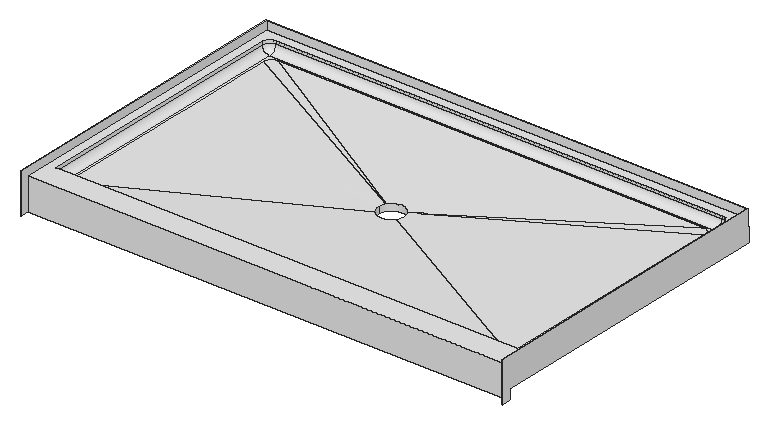
Revit family "P6038.V2", category Plumbing Fixtures, Revit 2019
Family settings
  Round Connector Dimension = Use Diameter
  Part Type = Normal
  OmniClass Number = 23.45.05.14.17
  OmniClass Title = Showers
  Work Plane-Based = No
  Always vertical = Yes
  Cut with Voids When Loaded = No
  Shared = No
  Room Calculation Point = No
Parameters (values of type "P6038.V2")
  Unit Width = 60"
  Unit Height = 5"
  Unit Depth = 38 1/4"
  URL = "http://www.bestbath.com/"
  Type Comments = "Remodeler"
  Model = "P6038.V2"
  Material [instance] = Best Bath Gelcoat Fiberglass - Smooth
  Manufacturer = "Best Bath Systems, Inc."
  Keynote = "22 40 00.B3"
  Description = "Shower Pan"
  Assembly Code = "D2010710"
Reference planes (in)
  plane 1: z = -1.5
  plane 2 "Left": x = 0
  plane 3: y = 3.11165
  plane 4: y = 40.36165
  plane 5: x = 60
  plane 6: y = 39.11165
  plane 7: y = 22.36165
  plane 8: x = 30
  plane 9: z = -1.125
  plane 10: z = -0.75
  plane 11: z = 2.5
  plane 12: y = 2.11165
  plane 13: z = 3.5
  plane 14: y = 6.11165
Forms (in)
  Extrusion 1, solid, material "Best Bath Gelcoat Fiberglass - Smooth"
    sketch origin (0, 0, -1.5) x (1, 0, 0) y (0, 1, 0)
      loop
        line (0, 3.11165) -> (60, 3.11165) -> (60, 40.36165) -> (0, 40.36165) -> (0, 3.11165)
      loop
        circle (30, 22.36165) r 1.625
    from 1.25 to 2.75
  Extrusion 2, solid, material "Best Bath Gelcoat Fiberglass - Smooth"
    sketch origin (0, 0, -1.5) x (1, 0, 0) y (0, 1, 0)
      loop
        line (0, 40.36165) -> (0, 3.11165) -> (1.25, 3.11165) -> (1.25, 38.11165)
        arc (1.25, 38.11165) -> (1.54289, 38.81875) -> (2.25, 39.11165) r 1
        line (2.25, 39.11165) -> (57.75, 39.11165)
        arc (57.75, 39.11165) -> (58.45711, 38.81875) -> (58.75, 38.11165) r 1
        line (58.75, 38.11165) -> (58.75, 3.11165) -> (60, 3.11165) -> (60, 39.11165) -> (60, 40.36165) -> (0, 40.36165)
    from 1.25 to 4
  Sweep 3, solid, material "Best Bath Gelcoat Fiberglass - Smooth"
    path origin (0, 0, -1.5) x (1, 0, 0) y (0, 1, 0)
      loop
        line (0.125, 3.11165) -> (59.875, 3.11165)
    profile origin (30, 3.11165, -1.5) x (0, 1, 0) y (0, 0, 1)
      loop
        line (0, 0) -> (3.83378, 0) -> (2.98355, 4) -> (0, 4) -> (0, 0)
  Extrusion 4, solid, material "Best Bath Gelcoat Fiberglass - Smooth"
    sketch origin (0, 0, -1.5) x (1, 0, 0) y (0, 1, 0)
      loop
        line (0.125, 2.11165) -> (0.125, 40.23665) -> (59.875, 40.23665) -> (59.875, 2.11165) -> (60, 2.11165) -> (60, 40.36165) -> (0, 40.36165) -> (0, 2.11165) -> (0.125, 2.11165)
    from 5 to 1.25
  Extrusion 5, void
    sketch origin (59.875, 3.11165, -1.5) x (0, 0, -1) y (0, -1, 0)
      loop
        line (-1.25, -0.125) -> (-1.25, -4.20675) -> (0, -4.20675) -> (0, -0.125) -> (-1.25, -0.125)
    from 0 to 60.89064
  Extrusion 6, solid, material "Best Bath Gelcoat Fiberglass - Smooth"
    sketch origin (60, 3.11165, -1.5) x (0, 1, 0) y (0, 0, 1)
      loop
        line (-1, 5) -> (-1, 0) -> (0.1258, 0) -> (0.1258, 5) -> (-1, 5)
    from 0 to -0.125
  Extrusion 7, solid, material "Best Bath Gelcoat Fiberglass - Smooth"
    sketch origin (0, 3.11165, -1.5) x (0, 1, 0) y (0, 0, -1)
      loop
        line (-1, -5) -> (0.1258, -5) -> (0.1258, 0) -> (-1, 0) -> (-1, -5)
    from 0 to -0.125
  Blend 8, void
    base sketch origin (0, 0, 1.25) x (0, 1, 0) y (-1, 0, 0)
      loop
        arc (37.86165, -3.5) -> (37.56875, -2.79289) -> (36.86165, -2.5) r 1
        line (36.86165, -2.5) -> (6.36089, -2.5) -> (6.36089, -57.5) -> (36.86165, -57.5)
        arc (36.86165, -57.5) -> (37.56875, -57.20711) -> (37.86165, -56.5) r 1
        line (37.86165, -56.5) -> (37.86165, -3.5)
    top sketch origin (0, 0, 1.25) x (0, 1, 0) y (-1, 0, 0)
      loop
        circle (22.36165, -30) r 0.125
    from 0 to -0.75
  Sweep 9, solid, material "Best Bath Gelcoat Fiberglass - Smooth"
    path in 3D
      loop
        line (58.75, 6.36089, 1.25) -> (58.75, 38.11165, 1.25)
        arc (58.75, 38.11165, 1.25) -> (58.45711, 38.81875, 1.25) -> (57.75, 39.11165, 1.25) r 1
        line (57.75, 39.11165, 1.25) -> (2.25, 39.11165, 1.25)
        arc (2.25, 39.11165, 1.25) -> (1.54289, 38.81875, 1.25) -> (1.25, 38.11165, 1.25) r 1
        line (1.25, 38.11165, 1.25) -> (1.25, 6.36089, 1.25)
    profile origin (1.25, 22.23627, 1.25) x (1, 0, 0) y (0, 0, 1)
      loop
        line (0, 0) -> (0.9375, 0)
        arc (0.9375, 0) -> (0.27459, 0.27459) -> (0, 0.9375) r 0.9375
        line (0, 0.9375) -> (0, 0)
Cuts and joins
  Extrusion 5, Blend 8 cuts Extrusion 1
  Extrusion 5, Blend 8 cuts Extrusion 2
  Extrusion 5, Blend 8 cuts Sweep 3
  Extrusion 5, Blend 8 cuts Extrusion 4
  Blend 8 cuts Extrusion 6
  Blend 8 cuts Extrusion 7
  joined: Extrusion 1, Extrusion 2, Sweep 3, Extrusion 4, Extrusion 6, Extrusion 7
Lines and regions (in)
  sketch lines
    curve 1: line (1.25, 38.11165, 1.25) -> (1.25, 6.36089, 1.25)
    curve 2: arc (1.25, 38.11165, 1.25) -> (1.54289, 38.81875, 1.25) -> (2.25, 39.11165, 1.25) r 1
    curve 3: line (57.75, 39.11165, 1.25) -> (2.25, 39.11165, 1.25)
    curve 4: arc (57.75, 39.11165, 1.25) -> (58.45711, 38.81875, 1.25) -> (58.75, 38.11165, 1.25) r 1
    curve 5: line (58.75, 6.36089, 1.25) -> (58.75, 38.11165, 1.25)
Dimensions and locks (in)
  equal spacing: plane 2 "Left", plane 8, plane 5, locked at 30 each
  locked: plane 2 "Left" to plane 5 at 60
  plane 4 to plane 6 = 1 1/4"
  plane 4 to plane 7 = 18"
  locked: plane 10 to level at 0.75
  locked: plane 10 to plane 9 at 0.375
  plane 11 to level = 4"
  locked: plane 3 to plane 12 at 1
  "Unit Depth": plane 4 to plane 12
  plane 13 to plane 11 = 1"
  "Unit Height": plane 13 to level
  plane 14 to plane 3 = 3"
  angle Sweep 3 sketch curve to cut or joined group of Extrusion 1, Extrusion 2, Sweep 3, Extrusion 4, Extrusion 5, Extrusion 6, Extrusion 7, Blend 8 = 78.00°
  aligned and locked: level to plane 1
  aligned and locked: Extrusion 1 sketch curve to plane 3
  aligned and locked: Extrusion 1 sketch curve to plane 2 "Left"
  aligned and locked: plane 4 to Extrusion 1 sketch curve
  aligned and locked: Extrusion 1 sketch curve to plane 5
  aligned and locked: plane 8 to Extrusion 1 sketch curve
  aligned and locked: plane 7 to Extrusion 1 sketch curve
  aligned and locked: plane 11 to cut or joined group of Extrusion 1, Extrusion 2, Sweep 3, Extrusion 4, Extrusion 5, Extrusion 6, Extrusion 7, Blend 8
  aligned and locked: plane 11 to Sweep 3 sketch curve
  aligned and locked: Extrusion 2 to Extrusion 1
  aligned and locked: Extrusion 6 sketch curve to cut or joined group of Extrusion 1, Extrusion 2, Sweep 3, Extrusion 4, Extrusion 5, Extrusion 6, Extrusion 7, Blend 8
Automatic sketch dimensions
  Extrusion 2 sketch curve to plane 2 "Left" = 0"
  Extrusion 2 sketch curve to plane 3 = 0"  (x2)
  Extrusion 2 sketch curve to plane 6 = 0"  (x2)
  Extrusion 2 sketch curve to plane 5 = 0"
  Extrusion 2 sketch curve to plane 4 = 0"
  plane 2 "Left" to Extrusion 2 sketch curve = 1 1/4"
  Extrusion 2 sketch curve to Extrusion 2 sketch curve = 1"
  Extrusion 2 sketch curve to plane 6 = 1"
  plane 5 to Extrusion 2 sketch curve = 2 1/4"
  Sweep 3 sketch curve to plane 3 = 0"
  plane 2 "Left" to Sweep 3 sketch curve = 1/8"
  plane 5 to Sweep 3 sketch curve = 1/8"
  Sweep 3 sketch curve to profile plane = 0"
  Sweep 3 sketch curve to level = 0"
  Sweep 3 sketch curve to profile plane = 2.98355"
  Extrusion 4 sketch curve to plane 2 "Left" = 0"
  Extrusion 4 sketch curve to plane 12 = 0"  (x2)
  Extrusion 4 sketch curve to plane 5 = 0"
  Extrusion 4 sketch curve to plane 4 = 0"
  plane 2 "Left" to Extrusion 4 sketch curve = 1/8"
  plane 5 to Extrusion 4 sketch curve = 1/8"
  Extrusion 4 sketch curve to plane 4 = 1/8"
  Extrusion 5 sketch curve to Sweep 3 = 0"
  Sweep 3 to Extrusion 5 sketch curve = 1/8"
  Extrusion 5 sketch curve to Extrusion 5 sketch curve = 1 1/4"
  Extrusion 5 sketch curve to Extrusion 5 sketch curve = 4.08175"
  Extrusion 6 sketch curve to Extrusion 1 = 0.1258"
  Extrusion 6 sketch curve to Extrusion 1 = 1 1/4"
  Extrusion 6 sketch curve to Extrusion 1 = 2 1/4"
  Extrusion 7 sketch curve to level = 0"
  Extrusion 7 sketch curve to plane 12 = 0"
  Extrusion 7 sketch curve to plane 13 = 0"
  plane 3 to Extrusion 7 sketch curve = 0.1258"
  Blend 8 sketch curve to Extrusion 1 = 2 1/2"  (x2)
  Blend 8 sketch curve to Extrusion 1 = 3.24925"
  Blend 8 sketch curve to Extrusion 1 = 3 1/2"  (x2)
  Blend 8 sketch curve to Blend 8 sketch curve = 1"
  profile plane to Sweep 9 sketch curve = 0"
  Sweep 9 sketch curve to profile plane = 0"
  Sweep 9 sketch curve to profile plane = 15/16"
  radius of Extrusion 1 sketch curve = 1 5/8"
  radius of Blend 8 sketch curve to Extrusion 1 = 1 1/2"
